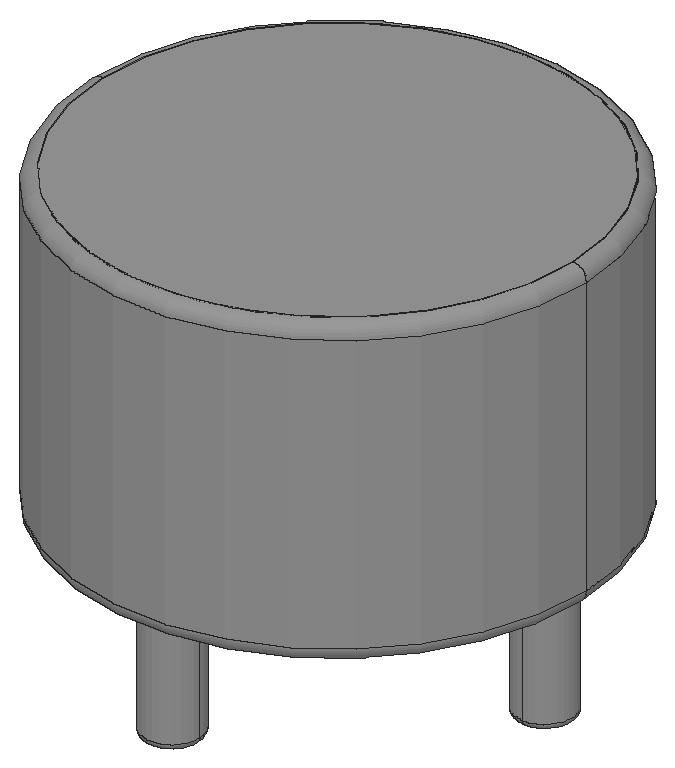
Revit family "980L Round Stool", category Generic Models, Revit 2018
Family settings
  Can host rebar = No
  Round Connector Dimension = Use Diameter
  Part Type = Normal
  Work Plane-Based = No
  Always vertical = Yes
  Cut with Voids When Loaded = No
  Shared = No
  Room Calculation Point = No
Parameters
  Fabric = 980L Fabric
Reference planes (in)
  plane 1 "Center (Front/Back)": y = 0
  plane 2: z = 0
  plane 3 "Center (Left/Right)": x = 0
Forms (in)
  Extrusion 1, solid, material "980L Fabric" <- "Fabric"
    sketch origin (0, 0, 0) x (1, 0, 0) y (0, 1, 0)
      loop
        circle (0, 0) r 8.5
    from 4 to 15
  Sweep 2, solid, material "980L Fabric" <- "Fabric"
    path origin (0, 0, 0) x (1, 0, 0) y (0, 1, 0)
      loop
        circle (0, 0) r 8.5
    profile origin (0, 8.5, 0) x (0, -1, 0) y (0, 0, 1)
      loop
        line (0, 4.00086) -> (0, 15)
        arc (0, 15) -> (-0.35325, 14.85368) -> (-0.49957, 14.50043) r 0.49957
        line (-0.49957, 14.50043) -> (-0.49957, 4.50043)
        arc (-0.49957, 4.50043) -> (-0.35325, 4.14718) -> (0, 4.00086) r 0.49957
  Revolve 3, solid, material "980L Legs"
    sketch origin (0, 7.5, 0) x (1, 0, 0) y (0, 0, 1)
      loop
        line (0, 4) -> (0, 0) -> (0.8, 0)
        arc (0.8, 0) -> (0.94142, 0.05858) -> (1, 0.2) r 0.2
        line (1, 0.2) -> (1, 4) -> (0, 4)
      axis (0, 0) -> (0, 4)
    angle from 0 to 360
  Revolve 4, solid, material "980L Legs"
    sketch origin (0, -7.5, 0) x (1, 0, 0) y (0, 0, -1)
      loop
        line (0, -4) -> (1, -4) -> (1, -0.2)
        arc (1, -0.2) -> (0.94142, -0.05858) -> (0.8, 0) r 0.2
        line (0.8, 0) -> (0, 0) -> (0, -4)
      axis (0, 0) -> (0, -4)
    angle from 0 to 360
  Revolve 5, solid, material "980L Legs"
    sketch origin (-7.5, 0, 0) x (0, 1, 0) y (0, 0, 1)
      loop
        line (0, 4) -> (0, 0) -> (0.8, 0)
        arc (0.8, 0) -> (0.94142, 0.05858) -> (1, 0.2) r 0.2
        line (1, 0.2) -> (1, 4) -> (0, 4)
      axis (0, 0) -> (0, 4)
    angle from 0 to 360
  Revolve 6, solid, material "980L Legs"
    sketch origin (7.5, 0, 0) x (0, 1, 0) y (0, 0, -1)
      loop
        line (0, -4) -> (1, -4) -> (1, -0.2)
        arc (1, -0.2) -> (0.94142, -0.05858) -> (0.8, 0) r 0.2
        line (0.8, 0) -> (0, 0) -> (0, -4)
      axis (0, 0) -> (0, -4)
    angle from 0 to 360
Dimensions and locks (in)
  aligned and locked: plane 2 to level
